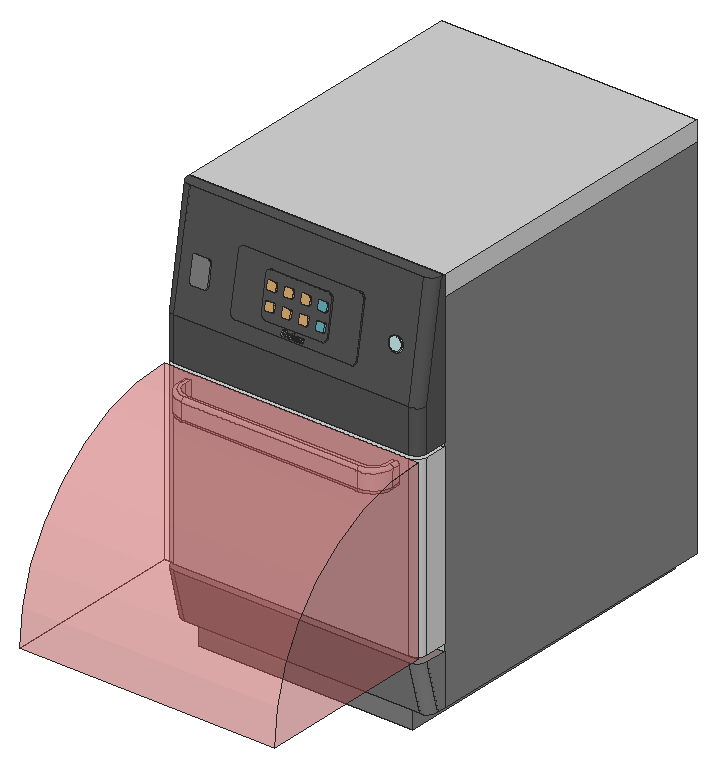
Revit family "QF_Pratica_Chef Express_Speed Oven_Fit Life_EN", category Specialty Equipment, Revit 2023
Family settings
  Round Connector Dimension = Use Diameter
  Part Type = Normal
  OmniClass Number = 23.40.40.14.17.11
  OmniClass Title = Cookers, Ovens, Stoves
  Work Plane-Based = No
  Enable Cutting in Views = No
  Always vertical = Yes
  Cut with Voids When Loaded = No
  Maintain Annotation Orientation = No
  Shared = No
  Room Calculation Point = No
Parameters (values of type "Fit Express USA - Black (230/1/50)")
  Width = 15.19685"  # constant formula
  Weight in Pounds = 123.5  # constant formula
  Watts = 3300 W
  Wall Clearance Service Offset Right = 0"  # constant formula
  Wall Clearance Service Offset Rear = 0"  # constant formula
  Wall Clearance Service Offset Left = 0"  # constant formula
  Volts = 230 V  # constant formula
  Ventilation Offset Rear = 0.7874"  # constant formula
  Show Logo [instance] = yes
  URL = "https://praticausa.com"
  Template URL = ""
  Technical Characteristics URL = ""
  Specification by Manufacturer = "The oven must be installed on a base or counter that supports the weight of the unit (approximately 123.4 lbs. / 56 kg). For proper ventilation, a minimum space of 0.8'' is required between the back of the oven and the wall. The bumper, located at the back of the oven, has been designed to provide this necessary space at the back of the oven and cannot be removed. Do not block the air inlets and outlets located on the front and back of the oven. It is not recommended for the unit to be positioned near stoves, deep fryers, hot plates and other equipment that releases fat, fumes and heat. The oven must be installed at a leveled and ventilated location.\r\nImproper installation may void the equipment warranty."  # constant formula
  Product URL = ""
  Phase = 1
  Panel = QF_Plastic_Black_Matte
  Number of Poles = 1
  Model = "Fit Lite"  # constant formula
  Logo = QF_Plastic_Gray_Matte
  Manufacturer Contact = "info@praticausa.com"  # constant formula
  Manual URL = ""
  Height = 24.37008"  # constant formula
  Manufacturer = "Pratica USA"  # constant formula
  Door Swing in Plan View [instance] = yes
  Door Swing in 3D View [instance] = yes
  Door = QF_Metal_Stainless Steel
  Developer URL = "https://www.BlocksRvt.com/"
  Developer Contact = "info@blocksrvt.com"  # constant formula
  Developer = "Blocks"  # constant formula
  Description = "The Fit Lite oven is intended for the rapid finishing of refrigerated foods, pre-fried savory items, pre-baked products, lasagnas, pasta, sandwiches, casseroles, and \r\nother semi-prepared foods, delivering excellent results in flavor, appearance, and crispness. The impinged air convection technology combined with microwave energy allows food to be heated, gratinated, or toasted."  # constant formula
  Depth = 26.77165"  # constant formula
  Default Elevation = 0"
  Cycle = 50 Hz  # constant formula
  Conn Plug = "13A (2P+E)"
  Type Comments = "© 2026 Pratica Klimaquip Ind. e Com. S/A. All rights reserved."  # constant formula
  Details = QF_Metal_Stainless Steel
  Structure = QF_Metal_Gray_Dark
  Circuit Breaker = "13A"
  Assembly Code = ""
  Capacity = "13 L"  # constant formula
  Cable = "3x2,5mm²"
Reference planes (in)
  plane 1: z = 0
  plane 2 "Centro (Esquerda/Direita)": x = 0
  plane 3: x = 7.59843
  plane 4: y = 13.12992
  plane 5: z = 24.37008
  plane 6: x = -7.59843
  plane 7: y = -13.64173
Forms (in)
  Extrusion 1, solid, material "QF_Metal_Gray_Dark" <- "Structure", detail levels coarse
    sketch origin (0, 0, 0) x (0, 1, 0) y (0, 0, 1)
      loop
        line (-10.33596, 1.19741) -> (9.58661, 1.19741) -> (9.58661, 24.37008) -> (-10.00267, 24.37008) -> (-11.13387, 17.95476) -> (-11.13387, 4.17523) -> (-10.33596, 1.19741)
    from -7.59843 to 7.59843
  Extrusion 2, solid, material "QF_Metal_Gray_Dark" <- "Structure"
    sketch origin (0.35433, -0.11251, 0) x (1, 0, 0) y (0, 0, 1)
      loop
        line (-6.73121, 1.19741) -> (-6.73121, 0) -> (6.02362, 0) -> (6.02362, 1.19741) -> (-6.73121, 1.19741)
    from -9.58661 to 9.98031
  Extrusion 3, solid, material "QF_Metal_Gray_Dark" <- "Structure", detail levels medium+fine
    sketch origin (0, 0, 0) x (0, 1, 0) y (0, 0, 1)
      loop
        line (-9.22668, 23.18898) -> (-9.22668, 1.19741) -> (9.58661, 1.19741) -> (9.58661, 23.18898) -> (-9.22668, 23.18898)
    from -7.59843 to 7.59843
  Extrusion 4, solid, material "QF_Metal_Stainless Steel" <- "Door", detail levels medium+fine
    sketch origin (0, 0.86614, 0) x (1, 0, 0) y (0, 1, 0)
      loop
        line (-7.00787, -12.00001) -> (7.00787, -12.00001)
        arc (7.00787, -12.00001) -> (7.42546, -11.82704) -> (7.59843, -11.40946) r 0.59055
        line (7.59843, -11.40946) -> (7.59843, -10.09282) -> (-7.59843, -10.09282) -> (-7.59843, -11.40946)
        arc (-7.59843, -11.40946) -> (-7.42546, -11.82704) -> (-7.00787, -12.00001) r 0.59055
    from 4.60905 to 15.15748
  Blend 5, solid, material "QF_Plastic_Black_Matte" <- "Panel", detail levels medium+fine
    base sketch origin (0, 0.86614, 0) x (1, 0, 0) y (0, 1, 0)
      loop
        line (-7.59843, -10.09282) -> (-7.59843, -10.27826)
        arc (-7.59843, -10.27826) -> (-7.42546, -10.69585) -> (-7.00787, -10.86881) r 0.59055
        line (-7.00787, -10.86881) -> (7.00787, -10.86881)
        arc (7.00787, -10.86881) -> (7.42546, -10.69585) -> (7.59843, -10.27826) r 0.59055
        line (7.59843, -10.27826) -> (7.59843, -10.09282) -> (-7.59843, -10.09282)
    top sketch origin (0, 0.86614, 0) x (1, 0, 0) y (0, 1, 0)
      loop
        arc (7.00787, -12.00001) -> (7.42546, -11.82704) -> (7.59843, -11.40946) r 0.59055
        line (7.59843, -11.40946) -> (7.59843, -10.09282) -> (-7.59843, -10.09282) -> (-7.59843, -11.40946)
        arc (-7.59843, -11.40946) -> (-7.42546, -11.82704) -> (-7.00787, -12.00001) r 0.59055
        line (-7.00787, -12.00001) -> (7.00787, -12.00001)
    from 24.37008 to 17.91339
  Extrusion 6, solid, material "QF_Plastic_Black_Matte" <- "Panel", detail levels medium+fine
    sketch origin (0, 0.86614, 2.79728) x (1, 0, 0) y (0, 1, 0)
      loop
        line (-7.00787, -12.00001) -> (7.00787, -12.00001)
        arc (7.00787, -12.00001) -> (7.42546, -11.82704) -> (7.59843, -11.40946) r 0.59055
        line (7.59843, -11.40946) -> (7.59843, -10.09282) -> (-7.59843, -10.09282) -> (-7.59843, -11.40946)
        arc (-7.59843, -11.40946) -> (-7.42546, -11.82704) -> (-7.00787, -12.00001) r 0.59055
    from 12.58063 to 15.1161
  Blend 7, solid, material "QF_Metal_Gray_Dark" <- "Structure", detail levels medium+fine
    base sketch origin (0, 0.86614, 0) x (1, 0, 0) y (0, 1, 0)
      loop
        arc (7.00787, -11.2021) -> (7.42546, -11.02913) -> (7.59843, -10.61155) r 0.59055
        line (7.59843, -10.61155) -> (7.59843, -10.09282) -> (-7.59843, -10.09282) -> (-7.59843, -10.61155)
        arc (-7.59843, -10.61155) -> (-7.42546, -11.02913) -> (-7.00787, -11.2021) r 0.59055
        line (-7.00787, -11.2021) -> (7.00787, -11.2021)
    top sketch origin (0, 0.86614, 0) x (1, 0, 0) y (0, 1, 0)
      loop
        arc (7.00787, -12.00001) -> (7.42546, -11.82704) -> (7.59843, -11.40946) r 0.59055
        line (7.59843, -11.40946) -> (7.59843, -10.09282) -> (-7.59843, -10.09282) -> (-7.59843, -11.40946)
        arc (-7.59843, -11.40946) -> (-7.42546, -11.82704) -> (-7.00787, -12.00001) r 0.59055
        line (-7.00787, -12.00001) -> (7.00787, -12.00001)
    from 1.19741 to 4.22337
  Sweep 8, solid, material "QF_Metal_Stainless Steel" <- "Details", detail levels medium+fine
    path origin (0, 0.86614, 0) x (1, 0, 0) y (0, 1, 0)
      loop
        line (-6.41732, -12.00001) -> (-6.41732, -12.46063)
        arc (-6.41732, -12.46063) -> (-6.07139, -13.2958) -> (-5.23622, -13.64173) r 1.1811
        line (-5.23622, -13.64173) -> (5.23622, -13.64173)
        arc (5.23622, -13.64173) -> (6.07139, -13.2958) -> (6.41732, -12.46063) r 1.1811
        line (6.41732, -12.46063) -> (6.41732, -12.00001)
    profile origin (0, -12.77559, 0) x (0, 1, 0) y (0, 0, 1)
      loop
        arc (0, 13.65548) -> (0.05766, 13.51628) -> (0.19685, 13.45863) r 0.19685
        line (0.19685, 13.45863) -> (0.3937, 13.45863) -> (0.3937, 14.78737) -> (0.19685, 14.78737)
        arc (0.19685, 14.78737) -> (0.05766, 14.72971) -> (0, 14.59051) r 0.19685
        line (0, 14.59051) -> (0, 13.65548)
  Extrusion 9, solid, material "QF_Metal_Gray_Dark" <- "Structure", detail levels medium+fine
    sketch origin (-18.29509, -11.65236, 14.9539) x (0, -0.172569, -0.984997) y (1, 0, 0)
      loop
        line (-6.18003, 11.96374) -> (-4.99893, 11.96374)
        arc (-4.99893, 11.96374) -> (-4.85973, 12.0214) -> (-4.80208, 12.16059) r 0.19685
        line (-4.80208, 12.16059) -> (-4.80208, 12.85479)
        arc (-4.80208, 12.85479) -> (-4.85973, 12.99398) -> (-4.99893, 13.05164) r 0.19685
        line (-4.99893, 13.05164) -> (-6.18003, 13.05164)
        arc (-6.18003, 13.05164) -> (-6.31922, 12.99398) -> (-6.37688, 12.85479) r 0.19685
        line (-6.37688, 12.85479) -> (-6.37688, 12.16059)
        arc (-6.37688, 12.16059) -> (-6.31922, 12.0214) -> (-6.18003, 11.96374) r 0.19685
    from 0.03937 to 0
  Extrusion 10, solid, material "QF_Plastic_Blue_Light_Matte", detail levels medium+fine
    sketch origin (-1.03361, -9.58503, 26.7539) x (-1, 0, 0) y (0, -0.172569, -0.984997)
      loop
        circle (-6.84292, 6.16615) r 0.3937
    from 0.03937 to 0
  Sweep 11, solid, material "QF_Metal_Stainless Steel" <- "Details", detail levels fine
    path in 3D
      loop
        arc (6.20301, -10.6879, 20.68706) -> (5.80931, -10.75584, 20.29926) -> (5.41561, -10.6879, 20.68706) r 0.3937
        arc (5.41561, -10.6879, 20.68706) -> (5.80931, -10.61996, 21.07485) -> (6.20301, -10.6879, 20.68706) r 0.3937
    profile origin (5.80931, -10.61996, 21.07485) x (0, 0.172569, 0.984997) y (0, -0.984997, 0.172569)
      loop
        line (0, 0) -> (0, -0.08562) -> (0.10065, -0.08562) -> (0, 0)
  Extrusion 12, solid, material "QF_Plastic_Black_Matte" <- "Panel", detail levels medium+fine
    sketch origin (0, -2.43161, -1.79757) x (1, 0, 0) y (0, 0.173648, 0.984808)
      loop
        line (3.4252, 22.57943) -> (-3.4252, 22.57943)
        arc (-3.4252, 22.57943) -> (-3.64791, 22.48718) -> (-3.74016, 22.26447) r 0.31496
        line (-3.74016, 22.26447) -> (-3.74016, 19.15424)
        arc (-3.74016, 19.15424) -> (-3.64791, 18.93153) -> (-3.4252, 18.83928) r 0.31496
        line (-3.4252, 18.83928) -> (3.4252, 18.83928)
        arc (3.4252, 18.83928) -> (3.64791, 18.93153) -> (3.74016, 19.15424) r 0.31496
        line (3.74016, 19.15424) -> (3.74016, 22.26447)
        arc (3.74016, 22.26447) -> (3.64791, 22.48718) -> (3.4252, 22.57943) r 0.31496
    from 12.00001 to 12.05326
  Extrusion 13, solid, material "QF_Plastic_Black_Matte" <- "Panel", detail levels medium+fine
    sketch origin (0, -2.48405, -1.78832) x (1, 0, 0) y (0, 0.173648, 0.984808)
      loop
        line (1.65354, 21.98888) -> (-1.65354, 21.98888)
        arc (-1.65354, 21.98888) -> (-1.87625, 21.89663) -> (-1.9685, 21.67392) r 0.31496
        line (-1.9685, 21.67392) -> (-1.9685, 19.74479)
        arc (-1.9685, 19.74479) -> (-1.87625, 19.52208) -> (-1.65354, 19.42983) r 0.31496
        line (-1.65354, 19.42983) -> (1.65354, 19.42983)
        arc (1.65354, 19.42983) -> (1.87625, 19.52208) -> (1.9685, 19.74479) r 0.31496
        line (1.9685, 19.74479) -> (1.9685, 21.67392)
        arc (1.9685, 21.67392) -> (1.87625, 21.89663) -> (1.65354, 21.98888) r 0.31496
    from 12.00001 to 12.05326
  Extrusion 14, solid, material "QF_Plastic_Blue_Matte", detail levels fine
    sketch origin (0, -14.3542, 0.30471) x (1, 0, 0) y (0, 0.173648, 0.984808)
      loop
        line (1.69291, 21.46523) -> (1.33858, 21.46523)
        arc (1.33858, 21.46523) -> (1.2829, 21.44217) -> (1.25984, 21.38649) r 0.07874
        line (1.25984, 21.38649) -> (1.25984, 21.03216)
        arc (1.25984, 21.03216) -> (1.2829, 20.97649) -> (1.33858, 20.95342) r 0.07874
        line (1.33858, 20.95342) -> (1.69291, 20.95342)
        arc (1.69291, 20.95342) -> (1.74859, 20.97649) -> (1.77165, 21.03216) r 0.07874
        line (1.77165, 21.03216) -> (1.77165, 21.38649)
        arc (1.77165, 21.38649) -> (1.74859, 21.44217) -> (1.69291, 21.46523) r 0.07874
    from -0.03937 to 0.03937
  Extrusion 15, solid, material "QF_Plastic_Orange_Matte", detail levels fine
    sketch origin (0, -14.3542, 0.30471) x (1, 0, 0) y (0, 0.173648, 0.984808)
      loop
        line (0.68504, 21.46523) -> (0.33071, 21.46523)
        arc (0.33071, 21.46523) -> (0.27503, 21.44217) -> (0.25197, 21.38649) r 0.07874
        line (0.25197, 21.38649) -> (0.25197, 21.03216)
        arc (0.25197, 21.03216) -> (0.27503, 20.97649) -> (0.33071, 20.95342) r 0.07874
        line (0.33071, 20.95342) -> (0.68504, 20.95342)
        arc (0.68504, 20.95342) -> (0.74072, 20.97649) -> (0.76378, 21.03216) r 0.07874
        line (0.76378, 21.03216) -> (0.76378, 21.38649)
        arc (0.76378, 21.38649) -> (0.74072, 21.44217) -> (0.68504, 21.46523) r 0.07874
    from -0.03937 to 0.03937
  Extrusion 16, solid, material "QF_Plastic_Orange_Matte", detail levels fine
    sketch origin (0, -14.3542, 0.30471) x (1, 0, 0) y (0, 0.173648, 0.984808)
      loop
        line (-0.33071, 21.46523) -> (-0.68504, 21.46523)
        arc (-0.68504, 21.46523) -> (-0.74072, 21.44217) -> (-0.76378, 21.38649) r 0.07874
        line (-0.76378, 21.38649) -> (-0.76378, 21.03216)
        arc (-0.76378, 21.03216) -> (-0.74072, 20.97649) -> (-0.68504, 20.95342) r 0.07874
        line (-0.68504, 20.95342) -> (-0.33071, 20.95342)
        arc (-0.33071, 20.95342) -> (-0.27503, 20.97649) -> (-0.25197, 21.03216) r 0.07874
        line (-0.25197, 21.03216) -> (-0.25197, 21.38649)
        arc (-0.25197, 21.38649) -> (-0.27503, 21.44217) -> (-0.33071, 21.46523) r 0.07874
    from -0.03937 to 0.03937
  Extrusion 17, solid, material "QF_Plastic_Orange_Matte", detail levels fine
    sketch origin (0, -14.3542, 0.30471) x (1, 0, 0) y (0, 0.173648, 0.984808)
      loop
        line (-1.33858, 21.46523) -> (-1.69291, 21.46523)
        arc (-1.69291, 21.46523) -> (-1.74859, 21.44217) -> (-1.77165, 21.38649) r 0.07874
        line (-1.77165, 21.38649) -> (-1.77165, 21.03216)
        arc (-1.77165, 21.03216) -> (-1.74859, 20.97649) -> (-1.69291, 20.95342) r 0.07874
        line (-1.69291, 20.95342) -> (-1.33858, 20.95342)
        arc (-1.33858, 20.95342) -> (-1.2829, 20.97649) -> (-1.25984, 21.03216) r 0.07874
        line (-1.25984, 21.03216) -> (-1.25984, 21.38649)
        arc (-1.25984, 21.38649) -> (-1.2829, 21.44217) -> (-1.33858, 21.46523) r 0.07874
    from -0.03937 to 0.03937
  Extrusion 18, solid, material "QF_Metal_Gray_Dark" <- "Structure"
    sketch origin (2.15245, -2.95009, 0) x (0, 1, 0) y (0, 0, 1)
      loop
        line (12.53671, 14.04755) -> (12.53671, 8.84159) -> (16.08001, 8.84159) -> (16.08001, 14.04755) -> (12.53671, 14.04755)
    from -4.3364 to 0.0315
  Extrusion 19, void
    sketch origin (0, -2.95009, 0) x (1, 0, 0) y (0, 0, 1)
      loop
        line (1.9685, 20.36058) -> (-1.9685, 20.36058) -> (-1.9685, 20.27003) -> (1.9685, 20.27003) -> (1.9685, 20.36058)
      loop
        line (1.9685, 20.16373) -> (-1.9685, 20.16373) -> (-1.9685, 20.07318) -> (1.9685, 20.07318) -> (1.9685, 20.16373)
      loop
        line (1.9685, 19.96688) -> (-1.9685, 19.96688) -> (-1.9685, 19.87633) -> (1.9685, 19.87633) -> (1.9685, 19.96688)
      loop
        line (1.9685, 19.77003) -> (-1.9685, 19.77003) -> (-1.9685, 19.67947) -> (1.9685, 19.67947) -> (1.9685, 19.77003)
      loop
        line (1.9685, 19.57318) -> (-1.9685, 19.57318) -> (-1.9685, 19.48262) -> (1.9685, 19.48262) -> (1.9685, 19.57318)
      loop
        line (1.9685, 19.37633) -> (-1.9685, 19.37633) -> (-1.9685, 19.28577) -> (1.9685, 19.28577) -> (1.9685, 19.37633)
      loop
        line (1.9685, 19.17947) -> (-1.9685, 19.17947) -> (-1.9685, 19.08892) -> (1.9685, 19.08892) -> (1.9685, 19.17947)
      loop
        line (1.9685, 18.98262) -> (-1.9685, 18.98262) -> (-1.9685, 18.89207) -> (1.9685, 18.89207) -> (1.9685, 18.98262)
      loop
        line (1.9685, 18.78577) -> (-1.9685, 18.78577) -> (-1.9685, 18.69522) -> (1.9685, 18.69522) -> (1.9685, 18.78577)
      loop
        line (1.9685, 18.58892) -> (-1.9685, 18.58892) -> (-1.9685, 18.49837) -> (1.9685, 18.49837) -> (1.9685, 18.58892)
      loop
        line (-6.26922, 3.20659) -> (-6.26922, 1.63179) -> (-4.69441, 1.63179) -> (-4.69441, 3.20659) -> (-6.26922, 3.20659)
    from -12.53671 to -11.61417
  Extrusion 20, solid, material "QF_Metal_Gray_Dark" <- "Structure", detail levels medium+fine
    sketch origin (0, -2.95009, 0) x (1, 0, 0) y (0, 0, 1)
      loop
        circle (-5.48182, 2.41919) r 0.3937
    from -12.53671 to -11.61417
  Extrusion 21, solid, material "QF_Plastic_Black_Matte", detail levels fine
    sketch origin (0, -2.95009, -1.4757) x (1, 0, 0) y (0, 0, 1)
      loop
        circle (5.70725, 20.69519) r 0.3937
      loop
        circle (-5.70725, 20.69519) r 0.3937
    from -13.64173 to -12.53671
  Extrusion 22, solid, visible <- "Door Swing in 3D View"
    sketch origin (0, -1.2682, 0) x (0, 1, 0) y (0, 0, 1)
      loop
        line (-9.86567, 4.60905) -> (-9.86567, 15.15503)
        arc (-9.86567, 15.15503) -> (-17.47094, 12.1478) -> (-20.64125, 4.60905) r 10.54843
        line (-20.64125, 4.60905) -> (-9.86567, 4.60905)
    from -7.59843 to 7.59843
  Extrusion 23, solid, material "QF_Plastic_Gray_Matte" <- "Logo", visible <- "Show Logo", detail levels medium+fine
    sketch origin (-1.99481, -14.37461, -0.11772) x (1, 0, 0) y (0, 0.173648, 0.984808)
      loop
        line (1.27607, 19.41593) -> (1.34346, 19.41593) -> (1.37569, 19.53621) -> (1.42447, 19.53621)
        arc (1.42447, 19.53621) -> (1.46323, 19.54062) -> (1.499, 19.55618) r 0.13194
        arc (1.499, 19.55618) -> (1.54448, 19.6041) -> (1.56102, 19.66807) r 0.13194
        arc (1.56102, 19.66807) -> (1.54133, 19.7156) -> (1.4938, 19.73529) r 0.06722
        line (1.4938, 19.73529) -> (1.36164, 19.73529) -> (1.27607, 19.41593)
      loop
        line (1.52587, 19.41593) -> (1.57046, 19.41593) -> (1.61744, 19.59126) -> (1.68291, 19.59126)
        arc (1.68291, 19.59126) -> (1.68563, 19.54466) -> (1.66434, 19.50312) r 0.08879
        line (1.66434, 19.50312) -> (1.63065, 19.50312) -> (1.6917, 19.41593) -> (1.72578, 19.41593) -> (1.89166, 19.58181) -> (1.8537, 19.44015) -> (1.79927, 19.44015) -> (1.77506, 19.41593) -> (1.90072, 19.41593) -> (1.95458, 19.61694) -> (1.87436, 19.61694) -> (1.70809, 19.45066) -> (1.68408, 19.48169)
        arc (1.68408, 19.48169) -> (1.70451, 19.49968) -> (1.72249, 19.5201) r 0.21447
        arc (1.72249, 19.5201) -> (1.73464, 19.57329) -> (1.70191, 19.61694) r 0.06488
        line (1.70191, 19.61694) -> (1.57973, 19.61694) -> (1.52587, 19.41593)
      loop
        line (1.41962, 19.70019) -> (1.38547, 19.57273) -> (1.45851, 19.57273)
        arc (1.45851, 19.57273) -> (1.49183, 19.63211) -> (1.49266, 19.70019) r 0.13783
        line (1.49266, 19.70019) -> (1.41962, 19.70019)
      loop
        line (1.95721, 19.65176) -> (2.00922, 19.71737) -> (1.97479, 19.71737) -> (1.95721, 19.65176)
      loop
        line (1.9685, 19.61694) -> (1.9685, 19.58515) -> (2.04015, 19.58515) -> (1.99481, 19.41593) -> (2.03715, 19.41593) -> (2.08249, 19.58515) -> (2.14676, 19.58515) -> (2.14676, 19.61694) -> (1.9685, 19.61694)
      loop
        line (2.12332, 19.41593) -> (2.16111, 19.41593) -> (2.21497, 19.61694) -> (2.17719, 19.61694) -> (2.12332, 19.41593)
      loop
        line (2.25912, 19.41593) -> (2.38053, 19.41593) -> (2.56476, 19.60016) -> (2.53184, 19.44527) -> (2.46204, 19.44527) -> (2.44836, 19.41593) -> (2.57258, 19.41593) -> (2.6153, 19.61694) -> (2.54615, 19.61694) -> (2.37213, 19.44292) -> (2.25912, 19.44292)
        arc (2.25912, 19.44292) -> (2.26288, 19.51558) -> (2.2842, 19.58515) r 0.29682
        arc (2.2842, 19.58515) -> (2.31774, 19.59768) -> (2.35127, 19.58515) r 0.05112
        line (2.35127, 19.58515) -> (2.35127, 19.55428) -> (2.39753, 19.55428) -> (2.39184, 19.58655)
        arc (2.39184, 19.58655) -> (2.37901, 19.60876) -> (2.35491, 19.61754) r 0.03749
        line (2.35491, 19.61754) -> (2.30311, 19.61754)
        arc (2.30311, 19.61754) -> (2.28652, 19.61386) -> (2.27304, 19.60351) r 0.03926
        arc (2.27304, 19.60351) -> (2.23313, 19.53439) -> (2.21927, 19.45578) r 0.22984
        arc (2.21927, 19.45578) -> (2.23094, 19.4276) -> (2.25912, 19.41593) r 0.03985
    from 0.03937 to 0
  Extrusion 24, solid, material "QF_Metal_Stainless Steel" <- "Details", detail levels medium+fine
    sketch origin (0, 0, 0) x (0, 1, 0) y (0, 0, 1)
      loop
        line (9.58661, 24.37008) -> (-9.22668, 24.37008) -> (-9.22668, 23.18898) -> (9.58661, 23.18898) -> (9.58661, 24.37008)
    from -7.59843 to 7.59843
  Extrusion 25, solid, material "QF_Plastic_Blue_Matte", detail levels fine
    sketch origin (0, -14.53417, -0.71597) x (1, 0, 0) y (0, 0.173648, 0.984808)
      loop
        line (1.69291, 21.46523) -> (1.33858, 21.46523)
        arc (1.33858, 21.46523) -> (1.2829, 21.44217) -> (1.25984, 21.38649) r 0.07874
        line (1.25984, 21.38649) -> (1.25984, 21.03216)
        arc (1.25984, 21.03216) -> (1.2829, 20.97649) -> (1.33858, 20.95342) r 0.07874
        line (1.33858, 20.95342) -> (1.69291, 20.95342)
        arc (1.69291, 20.95342) -> (1.74859, 20.97649) -> (1.77165, 21.03216) r 0.07874
        line (1.77165, 21.03216) -> (1.77165, 21.38649)
        arc (1.77165, 21.38649) -> (1.74859, 21.44217) -> (1.69291, 21.46523) r 0.07874
    from -0.03937 to 0.03937
  Extrusion 26, solid, material "QF_Plastic_Orange_Matte", detail levels fine
    sketch origin (0, -14.53417, -0.71597) x (1, 0, 0) y (0, 0.173648, 0.984808)
      loop
        line (0.68504, 21.46523) -> (0.33071, 21.46523)
        arc (0.33071, 21.46523) -> (0.27503, 21.44217) -> (0.25197, 21.38649) r 0.07874
        line (0.25197, 21.38649) -> (0.25197, 21.03216)
        arc (0.25197, 21.03216) -> (0.27503, 20.97649) -> (0.33071, 20.95342) r 0.07874
        line (0.33071, 20.95342) -> (0.68504, 20.95342)
        arc (0.68504, 20.95342) -> (0.74072, 20.97649) -> (0.76378, 21.03216) r 0.07874
        line (0.76378, 21.03216) -> (0.76378, 21.38649)
        arc (0.76378, 21.38649) -> (0.74072, 21.44217) -> (0.68504, 21.46523) r 0.07874
    from -0.03937 to 0.03937
  Extrusion 27, solid, material "QF_Plastic_Orange_Matte", detail levels fine
    sketch origin (0, -14.53417, -0.71597) x (1, 0, 0) y (0, 0.173648, 0.984808)
      loop
        line (-0.33071, 21.46523) -> (-0.68504, 21.46523)
        arc (-0.68504, 21.46523) -> (-0.74072, 21.44217) -> (-0.76378, 21.38649) r 0.07874
        line (-0.76378, 21.38649) -> (-0.76378, 21.03216)
        arc (-0.76378, 21.03216) -> (-0.74072, 20.97649) -> (-0.68504, 20.95342) r 0.07874
        line (-0.68504, 20.95342) -> (-0.33071, 20.95342)
        arc (-0.33071, 20.95342) -> (-0.27503, 20.97649) -> (-0.25197, 21.03216) r 0.07874
        line (-0.25197, 21.03216) -> (-0.25197, 21.38649)
        arc (-0.25197, 21.38649) -> (-0.27503, 21.44217) -> (-0.33071, 21.46523) r 0.07874
    from -0.03937 to 0.03937
  Extrusion 28, solid, material "QF_Plastic_Orange_Matte", detail levels fine
    sketch origin (0, -14.53417, -0.71597) x (1, 0, 0) y (0, 0.173648, 0.984808)
      loop
        line (-1.33858, 21.46523) -> (-1.69291, 21.46523)
        arc (-1.69291, 21.46523) -> (-1.74859, 21.44217) -> (-1.77165, 21.38649) r 0.07874
        line (-1.77165, 21.38649) -> (-1.77165, 21.03216)
        arc (-1.77165, 21.03216) -> (-1.74859, 20.97649) -> (-1.69291, 20.95342) r 0.07874
        line (-1.69291, 20.95342) -> (-1.33858, 20.95342)
        arc (-1.33858, 20.95342) -> (-1.2829, 20.97649) -> (-1.25984, 21.03216) r 0.07874
        line (-1.25984, 21.03216) -> (-1.25984, 21.38649)
        arc (-1.25984, 21.38649) -> (-1.2829, 21.44217) -> (-1.33858, 21.46523) r 0.07874
    from -0.03937 to 0.03937
Cuts and joins
  joined: Blend 5, Extrusion 6
  Extrusion 19 cuts Extrusion 3
Lines and regions (in)
  sketch lines
    curve 1: arc (5.41561, -10.6879, 20.68706) -> (5.80931, -10.61996, 21.07485) -> (6.20301, -10.6879, 20.68706) r 0.3937
    curve 2: arc (6.20301, -10.6879, 20.68706) -> (5.80931, -10.75584, 20.29926) -> (5.41561, -10.6879, 20.68706) r 0.3937
  symbolic lines, style "QF_Clearences_Door", visible <- "Door Swing in Plan View"
    curve 3: line (7.59843, -21.90945, 0) -> (7.59843, -11.13387, 0)
    curve 4: line (7.59843, -11.13387, 0) -> (-7.59843, -11.13387, 0)
    curve 5: line (-7.59843, -11.13387, 0) -> (-7.59843, -21.90945, 0)
    curve 6: line (-7.59843, -21.90945, 0) -> (7.59843, -21.90945, 0)
Dimensions and locks (in)
  plane 7 to plane 4 = 26.77165"
  plane 7 to Extrusion 1 = 23.22835"
  cut or joined group of Extrusion 3, Extrusion 19 to Extrusion 1 sketch curve = 20.72048"
  aligned and locked: level to plane 1
Connectors (in)
  electrical at (-5.48182, 9.58661, 2.41919), driven by "Number of Poles", driven by "Volts", driven by "Watts"
    settings: on Extrusion 20, index 1, voltage 230 V, apparent load 0 VA, apparent load phase1 3300 VA, apparent load phase2 0 VA, apparent load phase3 0 VA, power factor 1, load classification "Outro", number of poles 1, system type 31, power factor state 1, is connector primary yes, connector utility no, sub classification motor no, connector description ""
